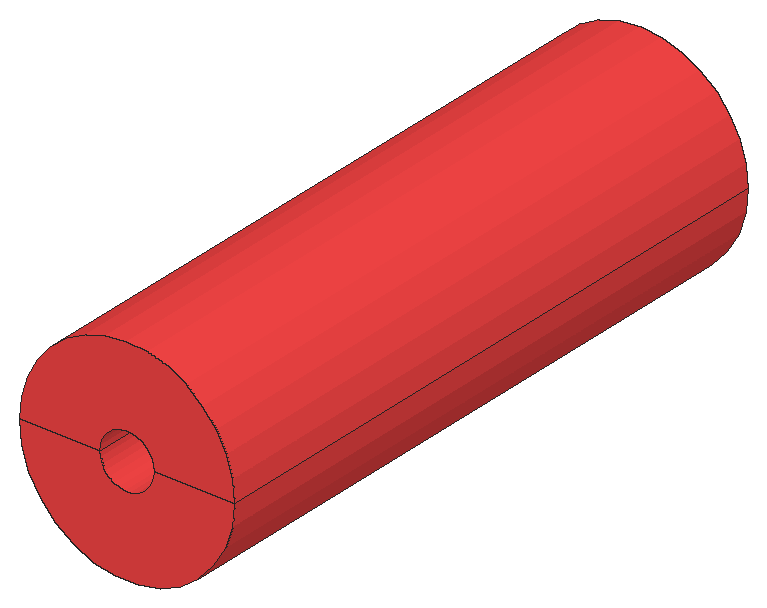
Revit family "M_FF109 Pipe Fire Sleeve", category Specialty Equipment, Revit 2015
Parameters (values of type "FF109 Pipe Fire Sleeve - 17mm (200mm)")
  URL = "https://www.tenmat.com/passive-fire-protection"
  Tenmat Item Number = "I109BT00170067020000"
  Youtube clip = "https://www.youtube.com/watch?v=qLyTY9hMMF8&feature=youtu.be"
  Pipe Material Suitability = "HDEP, UPVC, PVC, Steel and Copper"
  Performance = "BS EN 1366-3:2009 & BS 476, ETA-12/0332, 1224-CPR-0341, CE Marked"
  OD = ID + 25 mm  # 33.5 mm
  Model = ""
  Material = "Intumescent Sealant"
  Manufacturer = "Tenmat ltd"
  Length = 200 mm
  IFC Classification = "Building Element Proxy"
  ID = 8.5 mm
  Description = "FireFly 109 Fire Sleeve for 17mm pipe - 200mm Length"
  Connector = ID * 2  # 17 mm
  Assembly Code = ""
Types (38, lengths in mm): name | Tenmat Item Number | Pipe Material Suitability | OD | Length | ID | Description | Connector
  FF109 Pipe Fire Sleeve - 17mm (200mm) | "I109BT00170067020000" | "HDEP, UPVC, PVC, Steel and Copper" | 33.5 | 200 | 8.5 | "FireFly 109 Fire Sleeve for 17mm pipe - 200mm Length" | 17
  FF109 Pipe Fire Sleeve - 17mm (300mm) | "I109BT00170067030000" | "HDEP, UPVC, PVC, Steel and Copper" | 33.5 | 300 | 8.5 | "FireFly 109 Fire Sleeve for 17mm pipe - 300mm Length" | 17
  FF109 Pipe Fire Sleeve - 21mm (200mm) | "I109BT00210071020000" | "HDEP, UPVC, PVC, Steel and Copper" | 35.5 | 200 | 10.5 | "FireFly 109 Fire Sleeve for 21mm pipe - 200mm Length" | 21
  FF109 Pipe Fire Sleeve - 21mm (300mm) | "I109BT00210071030000" | "HDEP, UPVC, PVC, Steel and Copper" | 33.5 | 300 | 8.5 | "FireFly 109 Fire Sleeve for 21mm pipe - 300mm Length" | 17
  FF109 Pipe Fire Sleeve - 27mm (200mm) | "I109BT00270077020000" | "HDEP, UPVC, PVC, Steel and Copper" | 38.5 | 200 | 13.5 | "FireFly 109 Fire Sleeve for 27mm pipe - 200mm Length" | 27
  FF109 Pipe Fire Sleeve - 27mm (300mm) | "I109BT00270077030000" | "HDEP, UPVC, PVC, Steel and Copper" | 38.5 | 300 | 13.5 | "FireFly 109 Fire Sleeve for 27mm pipe - 300mm Length" | 27
  FF109 Pipe Fire Sleeve - 34mm (200mm) | "I109BT00340084020000" | "HDEP, UPVC, PVC, Steel and Copper" | 42 | 200 | 17 | "FireFly 109 Fire Sleeve for 34mm pipe - 200mm Length" | 34
  FF109 Pipe Fire Sleeve - 34mm (300mm) | "I109BT00340084030000" | "HDEP, UPVC, PVC, Steel and Copper" | 42 | 300 | 17 | "FireFly 109 Fire Sleeve for 34mm pipe - 300mm Length" | 34
  FF109 Pipe Fire Sleeve - 42mm (200mm) | "I109BT00420092020000" | "HDEP, UPVC, PVC, Steel and Copper" | 46 | 200 | 21 | "FireFly 109 Fire Sleeve for 42mm pipe - 200mm Length" | 42
  FF109 Pipe Fire Sleeve - 42mm (300mm) | "I109BT00420092030000" | "HDEP, UPVC, PVC, Steel and Copper" | 46 | 300 | 21 | "FireFly 109 Fire Sleeve for 42mm pipe - 300mm Length" | 42
  FF109 Pipe Fire Sleeve - 48mm (200mm) | "I109BT00480098020000" | "HDEP, UPVC, PVC, Steel and Copper" | 49 | 200 | 24 | "FireFly 109 Fire Sleeve for 48mm pipe - 200mm Length" | 48
  FF109 Pipe Fire Sleeve - 48mm (300mm) | "I109BT00480098030000" | "HDEP, UPVC, PVC, Steel and Copper" | 49 | 300 | 24 | "FireFly 109 Fire Sleeve for 48mm pipe - 300mm Length" | 48
  FF109 Pipe Fire Sleeve - 54mm (200mm) | "I109BT00540104020000" | "HDEP, UPVC, PVC, Steel and Copper" | 52 | 200 | 27 | "FireFly 109 Fire Sleeve for 54mm pipe - 200mm Length" | 54
  FF109 Pipe Fire Sleeve - 54mm (300mm) | "I109BT00540104030000" | "HDEP, UPVC, PVC, Steel and Copper" | 52 | 300 | 27 | "FireFly 109 Fire Sleeve for 54mm pipe - 300mm Length" | 54
  FF109 Pipe Fire Sleeve - 60mm (200mm) | "I109BT00600110020000" | "HDEP, UPVC, PVC, Steel and Copper" | 55 | 200 | 30 | "FireFly 109 Fire Sleeve for 60mm pipe - 200mm Length" | 60
  FF109 Pipe Fire Sleeve - 60mm (300mm) | "I109BT00600110030000" | "HDEP, UPVC, PVC, Steel and Copper" | 55 | 300 | 30 | "FireFly 109 Fire Sleeve for 60mm pipe - 300mm Length" | 60
  FF109 Pipe Fire Sleeve - 67mm (200mm) | "I109BT00670117020000" | "HDEP, UPVC, PVC, Steel and Copper" | 58.5 | 200 | 33.5 | "FireFly 109 Fire Sleeve for 67mm pipe - 200mm Length" | 67
  FF109 Pipe Fire Sleeve - 67mm (300mm) | "I109BT00670117030000" | "HDEP, UPVC, PVC, Steel and Copper" | 58.5 | 300 | 33.5 | "FireFly 109 Fire Sleeve for 67mm pipe - 300mm Length" | 67
  FF109 Pipe Fire Sleeve - 76mm (200mm) | "I109BT00760126020000" | "HDEP, UPVC, PVC, Steel and Copper" | 101 | 200 | 76 | "FireFly 109 Fire Sleeve for 76mm pipe - 200mm Length" | 152
  FF109 Pipe Fire Sleeve - 76mm (300mm) | "I109BT00760126030000" | "HDEP, UPVC, PVC, Steel and Copper" | 63 | 300 | 38 | "FireFly 109 Fire Sleeve for 76mm pipe - 300mm Length" | 76
  FF109 Pipe Fire Sleeve - 80mm (200mm) | "I109BT00800130020000" | "HDEP, UPVC, PVC, Steel and Copper" | 65 | 200 | 40 | "FireFly 109 Fire Sleeve for 80mm pipe - 200mm Length" | 80
  FF109 Pipe Fire Sleeve - 80mm (300mm) | "I109BT00800130030000" | "HDEP, UPVC, PVC, Steel and Copper" | 45 | 300 | 20 | "FireFly 109 Fire Sleeve for 80mm pipe - 300mm Length" | 40
  FF109 Pipe Fire Sleeve - 89mm (200mm) | "I109BT00890139020000" | "HDEP, UPVC, PVC, Steel and Copper" | 69.5 | 200 | 44.5 | "FireFly 109 Fire Sleeve for 89mm pipe - 200mm Length" | 89
  FF109 Pipe Fire Sleeve - 89mm (300mm) | "I109BT00890139030000" | "HDEP, UPVC, PVC, Steel and Copper" | 69.5 | 300 | 44.5 | "FireFly 109 Fire Sleeve for 89mm pipe - 300mm Length" | 89
  FF109 Pipe Fire Sleeve - 102mm (200mm) | "I109BT01020152020000" | "HDEP, UPVC, PVC, Steel and Copper" | 76 | 200 | 51 | "FireFly 109 Fire Sleeve for 102mm pipe - 200mm Length" | 102
  FF109 Pipe Fire Sleeve - 102mm (300mm) | "I109BT01020152030000" | "HDEP, UPVC, PVC, Steel and Copper" | 76 | 300 | 51 | "FireFly 109 Fire Sleeve for 102mm pipe - 300mm Length" | 102
  FF109 Pipe Fire Sleeve - 108mm (200mm) | "I109BT01080158020000" | "HDEP, UPVC, PVC, Steel and Copper" | 79 | 200 | 54 | "FireFly 109 Fire Sleeve for 108mm pipe - 200mm Length" | 108
  FF109 Pipe Fire Sleeve - 108mm (300mm) | "I109BT01080158030000" | "" | 79 | 300 | 54 | "FireFly 109 Fire Sleeve for 108mm pipe - 300mm Length" | 108
  FF109 Pipe Fire Sleeve - 114mm (200mm) | "I109BT01140164020000" | "HDEP, UPVC, PVC, Steel and Copper" | 82 | 200 | 57 | "FireFly 109 Fire Sleeve for 114mm pipe - 200mm Length" | 114
  FF109 Pipe Fire Sleeve - 114mm (300mm) | "I109BT01140164030000" | "HDEP, UPVC, PVC, Steel and Copper" | 82 | 300 | 57 | "FireFly 109 Fire Sleeve for 114mm pipe - 300mm Length" | 114
  FF109 Pipe Fire Sleeve - 127mm (200mm) | "I109BT01270177020000" | "HDEP, UPVC, PVC, Steel and Copper" | 88.5 | 200 | 63.5 | "FireFly 109 Fire Sleeve for 127mm pipe - 200mm Length" | 127
  FF109 Pipe Fire Sleeve - 127mm (300mm) | "I109BT01270177030000" | "HDEP, UPVC, PVC, Steel and Copper" | 88.5 | 300 | 63.5 | "FireFly 109 Fire Sleeve for 127mm pipe - 300mm Length" | 127
  FF109 Pipe Fire Sleeve - 140mm (200mm) | "I109BT01400190020000" | "HDEP, UPVC, PVC, Steel and Copper" | 95 | 200 | 70 | "FireFly 109 Fire Sleeve for 140mm pipe - 200mm Length" | 140
  FF109 Pipe Fire Sleeve - 140mm (300mm) | "I109BT01400190030000" | "HDEP, UPVC, PVC, Steel and Copper" | 95 | 300 | 70 | "FireFly 109 Fire Sleeve for 140mm pipe - 300mm Length" | 140
  FF109 Pipe Fire Sleeve - 159mm (200mm) | "I109BT01590209020000" | "HDEP, UPVC, PVC, Steel and Copper" | 104.5 | 200 | 79.5 | "FireFly 109 Fire Sleeve for 159mm pipe - 200mm Length" | 159
  FF109 Pipe Fire Sleeve - 159mm (300mm) | "I109BT01590209030000" | "HDEP, UPVC, PVC, Steel and Copper" | 104.5 | 300 | 79.5 | "FireFly 109 Fire Sleeve for 159mm pipe - 300mm Length" | 159
  FF109 Pipe Fire Sleeve - 169mm (200mm) | "I109BT01690219020000" | "HDEP, UPVC, PVC, Steel and Copper" | 109.5 | 200 | 84.5 | "FireFly 109 Fire Sleeve for 169mm pipe - 200mm Length" | 169
  FF109 Pipe Fire Sleeve - 169mm (300mm) | "I109BT01690219020000" | "HDEP, UPVC, PVC, Steel and Copper" | 109.5 | 300 | 84.5 | "FireFly 109 Fire Sleeve for 169mm pipe - 300mm Length" | 169
Reference planes
  plane 1 "Center (Front/Back)": y = 0
  plane 2: z = 0
  plane 3 "Center (Left/Right)": x = 0
  plane 4 "Back": y = 100
  plane 5 "Front": y = -100
  plane 6: x = 8.5
  plane 7: x = 33.5
  plane 8: y = 0.5
Forms (mm)
  Revolve 1, solid, material "Tenmat"
    sketch origin (0, 0, 0) x (1, 0, 0) y (0, 1, 0)
      loop
        line (8.5, 100) -> (8.5, -100) -> (33.5, -100) -> (33.5, 100) -> (8.5, 100)
      axis (0, 100) -> (0, -100)
    angle from 0 to 360
Dimensions and locks
  "ID": plane 3 "Center (Left/Right)" to plane 6
  "OD": plane 3 "Center (Left/Right)" to plane 7
  equal spacing: plane 4 "Back", plane 1 "Center (Front/Back)", plane 5 "Front"
  "Length": plane 4 "Back" to plane 5 "Front"
  aligned and locked: level to plane 2
  aligned and locked: Revolve 1 sketch curve to plane 4 "Back"
  aligned and locked: plane 6 to Revolve 1 sketch curve
  aligned and locked: Revolve 1 sketch curve to plane 5 "Front"
  aligned and locked: Revolve 1 sketch curve to plane 7
  aligned and locked: Revolve 1 sketch curve to plane 3 "Center (Left/Right)"
Automatic sketch dimensions
  plane 4 "Back" to Revolve 1 sketch curve = 20 mm
  Revolve 1 sketch curve to Revolve 1 sketch curve = 60 mm
